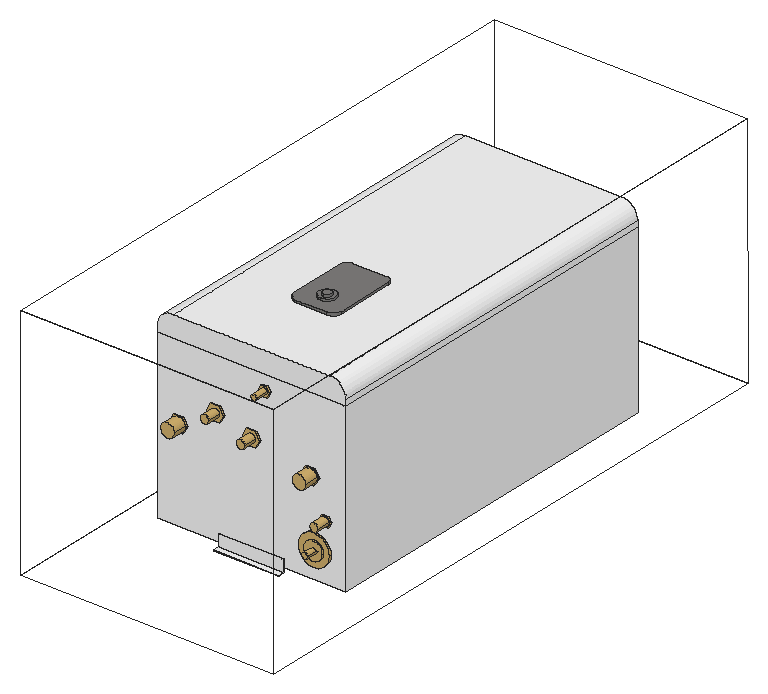
Revit family "Water_Boiler-Navien-NFC-Condensing-NFC-200", category Mechanical Equipment, host Face, Revit 2017
Family settings
  Host = Face
  Round Connector Dimension = Use Diameter
  Part Type = Normal
  OmniClass Number = 23.65.35.11
  OmniClass Title = Supply Water Heaters
  Cut with Voids When Loaded = No
  Shared = No
  Room Calculation Point = No
Parameters (values of type "NFC-200")
  Width = 17 77/256"  # constant formula
  Wi-Fi Ready = "NaviLink Wi‑Fi Control: This add-on accessory enables access to control temperatures remotely, access usage data and receive diagnostic notifications via smartphone or tablet."  # constant formula
  Weight = 145.00 lbf  # constant formula
  Water Pressure = "12–80 psi"  # constant formula
  Warranty Note = "Heat Exchangers: 15 years limited warranty (Residential), 10 years (Commercial) | Parts: 5 years (Residential), 3 years (Commercial)"  # constant formula
  Warranty = "https://www.navieninc.com/warranties"
  Voltage = 120 V
  Version = "2017 - v1.0.a"  # constant formula
  Venting Type = "Forced draft direct vent"  # constant formula
  Venting = "Exhaust: 2 in or 3 in PVC, CPVC, Approved Polypropylene, Stainless Steel, 2 in or 3 in Special Gas Vent Type BH (Class III, A/B/C) | Intake: 2 in or 3 in PVC, CPVC, Polypropylene, Stainless Steel, ABS 2 in or 3 in Special Gas Vent Type BH (Class III, A/B/C) | Vent Clearance: 0 in to combustibles"  # constant formula
  URL = "https://www.navieninc.com"
  Propane Gas Supply Pressure = "8.0\" to 13.5\" WC"  # constant formula
  Propane Gas Manifold Pressure = "-0.10\" to -0.45\" WC"  # constant formula
  Product Page URL = "https://www.navieninc.com/products/nfc-200"
  Product Name = "NFC Series Combination Boilers"  # constant formula
  Product Documentation Link = "https://www.navieninc.com/downloads/nfc-product-specifications-en"
  Power Factor = 1
  Phase = 1
  Number of Poles = 1
  Natural Gas Supply Pressure = "3.5\" to 10.5\" WC"  # constant formula
  Natural Gas Manifold Pressure = "-0.05\" to -0.20\" WC"  # constant formula
  Model = "NFC-200"  # constant formula
  Material = ""
  Manufacturer Phone Number = "(949) 420-0420"  # constant formula
  Manufacturer Fax Number = "(949) 420-0430"  # constant formula
  Manufacturer Address = "20 Goodyear, Irvine, CA 92618"  # constant formula
  Manufacturer = "Navien, Inc."  # constant formula
  Keynote = "22 33 00.A1"
  Intake = if([2" Exhaust/Intake], 2", 3")  # 2"
  Installation Type = "Indoor Wall-Hung"  # constant formula
  Ignition = "Electronic ignition"  # constant formula
  Hot Water Outlet = 3/4"  # constant formula
  Height = 33 1/2"  # constant formula
  Heating Supply = 1 1/4"  # constant formula
  Heating Return = 1 1/4"  # constant formula
  Heating Capacity Note = "199,900 to 18,000 BTUh"  # constant formula
  Heating Capacity = 199000.0 Btu/h
  Gas Inlet = 3/4"  # constant formula
  Gas Connection Size = 3/4"  # constant formula
  Frequency = 60 Hz
  Flow Rate = 0 GPM
  Finish = Metal - Navien - White
  Exhaust = if([2" Exhaust/Intake], 2", 3")  # 2"
  Description = "Condensing Gas Hot Water Boiler"  # constant formula
  Depth = 17 77/256"  # constant formula
  Default Elevation = 48"
  Condensate Outlet = 1/2"  # constant formula
  Cold Water Inlet = 3/4"  # constant formula
  Certifications = "Energy Star | AHRI | CSA | ASME | CSA Blue Star | CSA Blue Flame"  # constant formula
  Auto Feeder Inlet = 1/2"  # constant formula
  3" Exhaust/Intake = not([2" Exhaust/Intake])  # no
  2" Exhaust/Intake = yes
  Copyright = "All contents copyright © Navien Inc."  # constant formula
  Clearance [instance] = yes
  Assembly Code = "D3010500"
  Apparent Load = 0 VA
Reference planes (in)
  plane 1 "Center (Elevation)": y = 0
  plane 2: z = 0
  plane 3 "Reference": x = 0
  plane 4 "Top": y = 22.02539
  plane 5 "Left": x = -10.28125
  plane 6 "Bottom": y = -11.47461
  plane 7 "Right": x = 7.01953
  plane 8: z = 17.70078
  plane 9: y = 24.69539
  plane 10: z = 0.4
  plane 11 "Center (Left/Right)": x = -1.63086
  plane 12 "Condensate Outlet 1": z = 3.0018
  plane 13: y = 5.27539
  plane 14: z = -0.1
  plane 15: z = 5.6
  plane 16: z = 8.9
  plane 17: z = 10.1
  plane 18: z = 11
  plane 19: z = 3
  plane 20: x = 4.31875
  plane 21: x = 3.81875
  plane 22: x = -1.58125
  plane 23: x = -4.88125
  plane 24: x = -8.28125
Forms (in)
  Extrusion 1, solid, material "Metal - Navien - White" <- "Finish", detail levels medium+fine
    sketch origin (0, 0, 0) x (0, 1, 0) y (0, 0, 1)
      loop
        line (-11.4781, 1.12877) -> (-11.52126, 1.12877) -> (-11.52126, 0.04724) -> (-12.09194, 0.04724) -> (-12.09194, 0) -> (-11.4781, 0) -> (-11.4781, 1.12877)
    from -4.58124 to 1.3703
  Extrusion 2, solid, material "Metal - Navien - White" <- "Finish", detail levels medium+fine
    sketch origin (0, 0, 0) x (1, 0, 0) y (0, 0, 1)
      loop
        line (-10.28125, 15.75) -> (7.01953, 15.75) -> (7.01953, 16.2125)
        arc (7.01953, 16.2125) -> (6.58362, 17.26487) -> (5.53125, 17.70078) r 1.48828
        line (5.53125, 17.70078) -> (-8.78125, 17.70078)
        arc (-8.78125, 17.70078) -> (-9.84191, 17.26144) -> (-10.28125, 16.20078) r 1.5
        line (-10.28125, 16.20078) -> (-10.28125, 15.75)
    from -22.02539 to 11.47461
  Extrusion 3, solid, material "Metal - Navien - Brass, Soft Yellow"
    sketch origin (-3.25, 0, 0) x (-1, 0, 0) y (0, 0, -1)
      loop
        circle (4.99187, -12.56948) r 0.375
    from -23.32281 to -22.02539
  Extrusion 4, solid, material "Metal - Navien - Black", detail levels medium+fine
    sketch origin (0, 23.25489, 5.90687) x (0, 1, 0) y (-1, 0, 0)
      loop
        arc (-21.15746, 3.16493) -> (-21.34721, 3.62302) -> (-21.80529, 3.81276) r 0.64783
        line (-21.80529, 3.81276) -> (-27.01433, 3.81276)
        arc (-27.01433, 3.81276) -> (-27.64587, 3.55117) -> (-27.90746, 2.91963) r 0.89314
        line (-27.90746, 2.91963) -> (-27.90746, 0.1692)
        arc (-27.90746, 0.1692) -> (-27.68779, -0.36113) -> (-27.15746, -0.5808) r 0.75
        line (-27.15746, -0.5808) -> (-21.78679, -0.5808)
        arc (-21.78679, -0.5808) -> (-21.34179, -0.39648) -> (-21.15746, 0.04853) r 0.62933
        line (-21.15746, 0.04853) -> (-21.15746, 3.16493)
    from 11.79391 to 12
  Extrusion 5, solid, material "Metal - Navien - Black", detail levels medium+fine
    sketch origin (0, 23.25489, 4.3925) x (0, 1, 0) y (-1, 0, 0)
      loop
        circle (-26.04399, 1.63086) r 0.38018
    from 13.51437 to 13.80828
  Extrusion 6, solid, material "Metal - Navien - Black", detail levels medium+fine
    sketch origin (0, 23.25489, 4.3925) x (0, 1, 0) y (-1, 0, 0)
      loop
        circle (-26.03131, 1.63086) r 0.75
    from 13.30828 to 13.64814
  Extrusion 7, solid, material "Metal - Navien - White" <- "Finish", detail levels medium+fine
    sketch origin (-3.37047, -180, 9.44422) x (0, 0, 1) y (0, -1, 0)
      loop
        line (6.30578, -168.59281) -> (6.25519, -168.59281) -> (6.25519, -168.52539) -> (-9.04422, -168.52539) -> (-9.04422, -202.02539) -> (6.25519, -202.02539) -> (6.25519, -201.9886) -> (6.30578, -201.9886) -> (6.30578, -168.59281)
    from -6.91078 to 10.39
  Extrusion 8, solid, material "Metal - Navien - Brass, Soft Yellow"
    sketch origin (0, 0, 0) x (1, 0, 0) y (0, 0, 1)
      loop
        line (5.70898, 5.6) -> (5.43829, 6.06885) -> (4.89692, 6.06885) -> (4.62623, 5.6) -> (4.89692, 5.13115) -> (5.43829, 5.13115) -> (5.70898, 5.6)
      loop
        line (-4.0949, 11) -> (-4.48807, 11.681) -> (-5.27443, 11.681) -> (-5.6676, 11) -> (-5.27443, 10.319) -> (-4.48807, 10.319) -> (-4.0949, 11)
      loop
        line (-7.4949, 8.9) -> (-7.88807, 9.581) -> (-8.67443, 9.581) -> (-9.0676, 8.9) -> (-8.67443, 8.219) -> (-7.88807, 8.219) -> (-7.4949, 8.9)
      loop
        line (-0.7949, 10.1) -> (-1.18807, 10.781) -> (-1.97443, 10.781) -> (-2.3676, 10.1) -> (-1.97443, 9.419) -> (-1.18807, 9.419) -> (-0.7949, 10.1)
      loop
        line (4.6051, 8.9) -> (4.21193, 9.581) -> (3.42557, 9.581) -> (3.0324, 8.9) -> (3.42557, 8.219) -> (4.21193, 8.219) -> (4.6051, 8.9)
      loop
        line (0.17051, 14.37903) -> (-0.10018, 14.84788) -> (-0.64156, 14.84788) -> (-0.91225, 14.37903) -> (-0.64156, 13.91018) -> (-0.10018, 13.91018) -> (0.17051, 14.37903)
    from 11.47461 to 11.59257
  Extrusion 9, solid, material "Metal - Navien - Brass, Soft Yellow"
    sketch origin (0, 0, 0) x (1, 0, 0) y (0, 0, 1)
      loop
        circle (-8.28125, 8.9) r 0.625
      loop
        circle (-1.58125, 10.1) r 0.375
      loop
        circle (5.16876, 5.6) r 0.375
      loop
        circle (4.31875, 3) r 0.25
      loop
        circle (-4.88125, 11) r 0.375
      loop
        circle (3.81875, 8.9) r 0.625
      loop
        circle (-0.37087, 14.37903) r 0.25
    from 11.47461 to 12.78461
  Extrusion 10, solid, material "Metal - Navien - Brass, Soft Yellow", detail levels medium+fine
    sketch origin (0.1875, 0, -0.0625) x (1, 0, 0) y (0, 0, 1)
      loop
        circle (4.13125, 3.0625) r 1.42959
    from 11.59257 to 11.73334
  Extrusion 11, solid, material "Metal - Navien - Brass, Soft Yellow", detail levels medium+fine
    sketch origin (0.1875, 0, -0.0625) x (1, 0, 0) y (0, 0, 1)
      loop
        circle (4.13125, 3.0625) r 0.83408
    from 11.73334 to 11.841
  Extrusion 12, solid, material "Metal - Navien - Brass, Soft Yellow", detail levels medium+fine
    sketch origin (0, 0, 0) x (1, 0, 0) y (0, 0, 1)
      loop
        arc (-8.70931, 11.36209) -> (-8.24187, 11.46877) -> (-7.77443, 11.36209) r 1.07739
        arc (-7.77443, 11.36209) -> (-6.94715, 12.56948) -> (-7.77443, 13.77688) r 1.29472
        arc (-7.77443, 13.77688) -> (-8.24187, 13.67019) -> (-8.70931, 13.77688) r 1.07739
        arc (-8.70931, 13.77688) -> (-9.53659, 12.56948) -> (-8.70931, 11.36209) r 1.29472
    from -22.02539 to -22.33036
  Extrusion 13, solid, material "Metal - Navien - White" <- "Finish", detail levels coarse
    sketch origin (0, 19.32383, 4.3925) x (0, 1, 0) y (-1, 0, 0)
      loop
        line (2.70156, 10.28125) -> (-30.79844, 10.28125) -> (-30.79844, -7.01953) -> (2.70156, -7.01953) -> (2.70156, 10.28125)
    from -3.9925 to 13.30828
  Extrusion 14, solid, material "Clearances - Navien", visible <- "Clearance"
    sketch origin (0, 19.32383, 4.3925) x (0, 1, 0) y (-1, 0, 0)
      loop
        line (11.70156, 13.28125) -> (-42.79844, 13.28125) -> (-42.79844, -10.01953) -> (11.70156, -10.01953) -> (11.70156, 13.28125)
    from -4.4925 to 17.30828
Cuts and joins
  joined: Extrusion 4, Extrusion 5, Extrusion 6
  joined: Extrusion 8, Extrusion 9
Lines and regions (in)
  Split face 1
    outline origin (0, 23.25489, 17.90687) x (0, 1, 0) y (-1, 0, 0)
      loop
        line (-22.00951, 2.94276) -> (-23.25951, 2.94276) -> (-23.25951, 0.19276) -> (-22.00951, 0.19276) -> (-22.00951, 2.94276)
  Split face 2
    outline origin (-3.16493, 6.02848, 17.90687) x (-1, 0, 0) y (0, -1, 0)
      loop
        line (-0.35049, 6.75) -> (-0.35049, 7.10256) -> (-2.71765, 7.10256) -> (-2.71765, 6.75) -> (-0.35049, 6.75)
  Split face 3
    outline origin (-3.16493, 6.02848, 17.90687) x (-1, 0, 0) y (0, -1, 0)
      loop
        line (-2.90907, 6.0331) -> (-2.90907, 4.7831) -> (-0.15907, 4.7831) -> (-0.15907, 6.0331) -> (-2.90907, 6.0331)
  model lines, style "Clearance", visible <- "Clearance"
    curve 1: line (-13.28125, 31.02539, -0.1) -> (-13.28125, -23.47461, -0.1)
    curve 2: line (-13.28125, -23.47461, -0.1) -> (10.01953, -23.47461, -0.1)
    curve 3: line (10.01953, -23.47461, -0.1) -> (10.01953, 31.02539, -0.1)
    curve 4: line (10.01953, 31.02539, -0.1) -> (-13.28125, 31.02539, -0.1)
    curve 5: line (10.01953, 31.02539, 21.70078) -> (10.01953, -23.47461, 21.70078)
    curve 6: line (10.01953, -23.47461, 21.70078) -> (-13.28125, -23.47461, 21.70078)
    curve 7: line (-13.28125, -23.47461, 21.70078) -> (-13.28125, 31.02539, 21.70078)
    curve 8: line (-13.28125, 31.02539, 21.70078) -> (10.01953, 31.02539, 21.70078)
    curve 9: line (10.01953, 31.02539, 21.70078) -> (10.01953, 31.02539, -0.1)
    curve 10: line (-13.28125, 31.02539, 21.70078) -> (-13.28125, 31.02539, -0.1)
    curve 11: line (10.01953, -23.47461, 21.70078) -> (10.01953, -23.47461, -0.1)
    curve 12: line (-13.28125, -23.47461, 21.70078) -> (-13.28125, -23.47461, -0.1)
  model lines, style "MechanicalEquipment", detail levels medium+fine
    curve 13: arc (-0.63086, -2.7891, 17.90687) -> (-1.63086, -1.7891, 17.90687) -> (-2.63086, -2.7891, 17.90687) r 1
    curve 14: arc (-2.63086, -2.7891, 17.90687) -> (-1.63086, -3.7891, 17.90687) -> (-0.63086, -2.7891, 17.90687) r 1
Dimensions and locks (in)
  plane 5 "Left" to plane 3 "Reference" to plane 7 "Right" = 10 9/32", 7 5/256"
  "Width": plane 5 "Left" to plane 7 "Right"
  "Height": plane 4 "Top" to plane 6 "Bottom"
  "Depth": plane 8 to plane 10
  plane 8 to level = 17.70078"
  locked: plane 9 to plane 4 "Top" at 2.67
  locked: plane 10 to plane 2 at 0.4
  equal spacing: plane 7 "Right", plane 11 "Center (Left/Right)", plane 5 "Left"
  locked: Extrusion 1 to level at 1.12877  (x2)
  locked: Extrusion 1 to level at 0.04724  (x2)
  locked: Extrusion 1 sketch curve to level at 0.04724  (x10)
  locked: Extrusion 1 sketch curve to level at 1.12877  (x10)
  locked: Extrusion 2 to level at 17.70078  (x2)
  locked: Extrusion 2 to level at 15.75  (x2)
  locked: Extrusion 2 sketch curve to level at 15.75  (x10)
  locked: Extrusion 2 sketch curve to level at 16.2125  (x4)
  locked: Extrusion 2 sketch curve to level at 17.70078  (x10)
  locked: Extrusion 2 sketch curve to level at 16.20078  (x4)
  locked: Extrusion 4 sketch curve to level at 5.90687  (x48)
  locked: Extrusion 5 sketch curve to level at 4.3925  (x4)
  locked: Extrusion 6 sketch curve to level at 4.3925  (x4)
  locked: Extrusion 7 to level at 15.75  (x2)
  locked: Extrusion 7 to level at 15.69941  (x4)
  locked: Extrusion 7 to level at 0.4  (x2)
  locked: Extrusion 7 sketch curve to level at 15.75  (x10)
  locked: Extrusion 7 sketch curve to level at 15.69941  (x20)
  locked: Extrusion 7 sketch curve to level at 0.4  (x10)
  plane 6 "Bottom" to Extrusion 1 sketch curve to Extrusion 1 sketch curve to Extrusion 1 sketch curve = 0.00349" locked, 0.04316" locked, 0.57068" locked
  locked: plane 8 to Extrusion 2 sketch curve at 1.95078
  locked: plane 6 "Bottom" to cut or joined group of Extrusion 8, Extrusion 9 at 1.31
  plane 6 "Bottom" to cut or joined group of Extrusion 8, Extrusion 9 to Extrusion 10 to Extrusion 11 = 0.11796" locked, 0.14077" locked, 0.10765" locked
  locked: Extrusion 7 sketch curve to plane 6 "Bottom" at 0.06742
  equal spacing: plane 4 "Top", plane 13, plane 6 "Bottom"
  Extrusion 4 sketch curve to Extrusion 4 sketch curve to Extrusion 4 sketch curve to plane 11 "Center (Left/Right)" to Extrusion 4 sketch curve to Extrusion 4 sketch curve to Extrusion 4 sketch curve = 0.64783" locked, 0.24531" locked, 1.28877" locked, 1.46166" locked, 0.12067" locked, 0.62933" locked
  plane 6 "Bottom" to Extrusion 4 sketch curve to Extrusion 4 sketch curve to Extrusion 4 sketch curve to Extrusion 4 sketch curve to Extrusion 4 sketch curve to Extrusion 4 sketch curve = 6.82204", 3/4" locked, 0.14314" locked, 5.20904" locked, 0.0185" locked, 0.62933" locked
  locked: plane 10 to nested 1 at 4.1
  locked: nested 1 to plane 5 "Left" at 13.5
  locked: plane 10 to nested 2 at 4.3
  locked: nested 2 to plane 5 "Left" at 3.8
  locked: Extrusion 13 to plane 14 at 0.5
  locked: Extrusion 14 sketch curve to plane 5 "Left" at 3
  locked: plane 7 "Right" to Extrusion 14 sketch curve at 3
  locked: Extrusion 14 sketch curve to plane 4 "Top" at 9
  locked: Extrusion 14 sketch curve to plane 6 "Bottom" at 12
  locked: plane 11 "Center (Left/Right)" to Extrusion 3 sketch curve at 6.61101
  locked: Extrusion 3 sketch curve to level at 12.56948
  plane 11 "Center (Left/Right)" to Extrusion 12 sketch curve to Extrusion 12 sketch curve to Extrusion 12 sketch curve to Extrusion 12 sketch curve = 6.14357" locked, 0" locked, 0.93488" locked, 0" locked
  Extrusion 12 sketch curve to Extrusion 12 sketch curve to Extrusion 12 sketch curve to Extrusion 12 sketch curve to level = 0" locked, 2.41479" locked, 0" locked, 11.36209" locked
  Extrusion 13 sketch curve to plane 11 "Center (Left/Right)" to Extrusion 13 sketch curve = 8.65039" locked, 8.65039" locked
  Extrusion 13 sketch curve to plane 13 to Extrusion 13 sketch curve = 16 3/4" locked, 16 3/4" locked
  locked: plane 6 "Bottom" to Extrusion 5 sketch curve at 8.68551
  Split face 2 sketch curve to plane 11 "Center (Left/Right)" to Split face 2 sketch curve = 1 47/256" locked, 1 47/256" locked
  plane 6 "Bottom" to Split face 2 sketch curve to Split face 2 sketch curve = 10.40053", 0.35256" locked
  plane 6 "Bottom" to Split face 3 sketch curve to Split face 3 sketch curve = 11.46999", 1 1/4" locked
  Split face 3 sketch curve to plane 11 "Center (Left/Right)" to Split face 3 sketch curve = 1 3/8" locked, 1 3/8" locked
  plane 6 "Bottom" to Extrusion 6 sketch curve = 8.69819"
  Extrusion 3 to Extrusion 12 to Extrusion 12 to plane 4 "Top" = 0.99244" locked, 0.30497" locked, 0" locked
  locked: plane 18 to plane 10 at 10.6
  locked: plane 17 to plane 10 at 9.7
  locked: plane 16 to plane 10 at 8.5
  locked: plane 15 to plane 10 at 5.2
  locked: plane 19 to plane 10 at 2.6
  plane 20 to plane 5 "Left" = 14.6"
  locked: plane 24 to plane 5 "Left" at 2
  locked: plane 23 to plane 24 at 3.4
  locked: plane 22 to plane 23 at 3.3
  locked: plane 21 to plane 22 at 5.4
  Extrusion 8 sketch curve to Extrusion 8 sketch curve to Extrusion 8 sketch curve to Extrusion 8 sketch curve to Extrusion 8 sketch curve to Extrusion 8 sketch curve to level = 3.59118" locked, 0.9" locked, 1.2" locked, 0" locked, 3.08785" locked, 5.13115" locked
  Extrusion 8 sketch curve to Extrusion 8 sketch curve to Extrusion 8 sketch curve to Extrusion 8 sketch curve to Extrusion 8 sketch curve to Extrusion 8 sketch curve to Extrusion 8 sketch curve to plane 11 "Center (Left/Right)" to Extrusion 8 sketch curve to Extrusion 8 sketch curve to Extrusion 8 sketch curve to Extrusion 8 sketch curve to Extrusion 8 sketch curve = 1.08276" locked, 0.02113" locked, 1.5727" locked, 2.86189" locked, 0.96541" locked, 0.11735" locked, 0.71861" locked, 0.73674" locked, 1.7273" locked, 1.5727" locked, 1.8273" locked, 1.5727" locked
  Extrusion 9 sketch curve to Extrusion 9 sketch curve to Extrusion 9 sketch curve to Extrusion 9 sketch curve to Extrusion 9 sketch curve to plane 11 "Center (Left/Right)" to Extrusion 9 sketch curve to Extrusion 9 sketch curve = 0.97501" locked, 1/8" locked, 4.56462" locked, 1.08538" locked, 0.42461" locked, 2.87539" locked, 3.15" locked
  Extrusion 9 sketch curve to Extrusion 9 sketch curve to Extrusion 9 sketch curve to Extrusion 9 sketch curve to Extrusion 9 sketch curve to Extrusion 9 sketch curve to Extrusion 9 sketch curve to level = 3.50403" locked, 0.9" locked, 1.45" locked, 0" locked, 3.05" locked, 2.475" locked, 2 3/4" locked
  locked: Extrusion 10 sketch curve to plane 11 "Center (Left/Right)" at 4.52002
  locked: Extrusion 10 sketch curve to level at 1.57041
  locked: Extrusion 11 sketch curve to level at 2.16592
  aligned and locked: plane 2 to host face
  aligned and locked: level to host face
  aligned and locked: plane 4 "Top" to Extrusion 2
  aligned and locked: plane 6 "Bottom" to Extrusion 2
  aligned and locked: Extrusion 3 to plane 4 "Top"
  aligned and locked: Extrusion 4 to plane 8
  aligned and locked: Extrusion 6 to plane 8
  aligned and locked: Extrusion 7 to plane 5 "Left"
  aligned and locked: Extrusion 7 to plane 7 "Right"
  aligned and locked: Extrusion 8 to plane 6 "Bottom"
  aligned and locked: Extrusion 9 to plane 6 "Bottom"
  aligned and locked: Extrusion 2 sketch curve to plane 5 "Left"
  aligned and locked: Extrusion 2 sketch curve to plane 7 "Right"
  aligned and locked: plane 8 to Extrusion 2 sketch curve
  aligned and locked: Extrusion 7 sketch curve to plane 4 "Top"
  aligned and locked: plane 6 "Bottom" to Extrusion 7 sketch curve
  aligned and locked: Extrusion 14 to plane 14
  aligned and locked: plane 11 "Center (Left/Right)" to Extrusion 5 sketch curve
  aligned and locked: plane 11 "Center (Left/Right)" to Extrusion 6 sketch curve
Automatic sketch dimensions
  host sketch curve to host sketch curve = 47 9/32"
  host sketch curve to host sketch curve = 59.02539"
  level to Extrusion 1 sketch curve = 0"
  plane 7 "Right" to Extrusion 2 sketch curve = 1 125/256"
  Extrusion 2 sketch curve to Extrusion 2 sketch curve = 0.45078"
  Split face 1 sketch curve to Extrusion 4 = 0.87"
  Split face 1 sketch curve to Extrusion 4 = 2.10205"
  Split face 1 sketch curve to Extrusion 4 = 0.85205"
  Split face 1 sketch curve to Extrusion 4 = 0.77356"
  Extrusion 7 sketch curve to plane 4 "Top" = 0.03679"
  Extrusion 12 sketch curve to Extrusion 12 sketch curve = 0"  (x2)
  Extrusion 12 sketch curve to Extrusion 12 sketch curve = 2.1781"
  Extrusion 12 sketch curve to Extrusion 12 sketch curve = 0.97071"
  curve 5 to plane 7 "Right" = 3"
  plane 9 to curve 8 = 6.33"
  curve 7 to plane 5 "Left" = 3"
  plane 6 "Bottom" to curve 7 = 12"
  curve 11 to plane 14 = 0"
  curve 12 to plane 14 = 0"
  curve 11 to plane 7 "Right" = 3"
  curve 12 to plane 5 "Left" = 3"
  curve 2 to plane 7 "Right" = 3"
  plane 6 "Bottom" to curve 2 = 12"
  curve 2 to plane 5 "Left" = 3"
  plane 9 to curve 1 = 6.33"
  curve 13 to curve 14 = 0"  (x2)
  curve 14 to Extrusion 4 = 1.86347"
  curve 14 to Extrusion 4 = 2.1819"
  curve 14 to curve 13 = 1"
  plane 8 to curve 11 = 4"
  plane 8 to curve 12 = 4"
  plane 7 "Right" to Extrusion 11 sketch curve = 2.70078"
  Extrusion 12 sketch curve to Extrusion 12 sketch curve = 0.46744"
  Extrusion 10 sketch curve to plane 12 "Condensate Outlet 1" = 0.0018"
  Extrusion 11 sketch curve to plane 12 "Condensate Outlet 1" = 0.0018"
  Extrusion 8 sketch curve to plane 16 = 0"  (x4)
  Extrusion 8 sketch curve to plane 18 = 0"  (x2)
  Extrusion 8 sketch curve to plane 17 = 0"  (x2)
  Extrusion 8 sketch curve to plane 15 = 0"  (x2)
  Extrusion 8 sketch curve to plane 24 = 0.39318"  (x2)
  plane 24 to Extrusion 8 sketch curve = 0.39318"  (x2)
  Extrusion 8 sketch curve to plane 23 = 0.39318"  (x2)
  plane 23 to Extrusion 8 sketch curve = 0.39318"  (x2)
  Extrusion 8 sketch curve to plane 11 "Center (Left/Right)" = 0.34357"  (x2)
  plane 22 to Extrusion 8 sketch curve = 0.39318"  (x2)
  Extrusion 8 sketch curve to Extrusion 8 sketch curve = 0.27069"  (x5)
  Extrusion 8 sketch curve to plane 3 "Reference" = 0.10018"  (x2)
  Extrusion 8 sketch curve to plane 21 = 0.39318"  (x2)
  Extrusion 8 sketch curve to plane 20 = 0.10682"  (x2)
  Extrusion 8 sketch curve to Extrusion 8 sketch curve = 0.54138"
  plane 15 to Extrusion 8 sketch curve = 0.46885"
  Extrusion 8 sketch curve to plane 17 = 0.519"  (x2)
  Extrusion 8 sketch curve to plane 18 = 0.219"
  plane 18 to Extrusion 8 sketch curve = 0.681"
  Extrusion 8 sketch curve to Extrusion 8 sketch curve = 0.46885"  (x3)
  Extrusion 9 sketch curve to plane 24 = 0"
  Extrusion 9 sketch curve to plane 23 = 0"
  Extrusion 9 sketch curve to plane 22 = 0"
  Extrusion 9 sketch curve to plane 21 = 0"
  Extrusion 9 sketch curve to plane 20 = 0"
  Extrusion 9 sketch curve to plane 15 = 0"
  curve 10 to Extrusion 14 = 0"  (x2)
  Extrusion 14 to curve 10 = 0"
  curve 9 to Extrusion 14 = 0"  (x3)
  radius of Extrusion 3 sketch curve = 3/8"
  radius of Extrusion 5 sketch curve = 0.38018"
  radius of Extrusion 6 sketch curve = 3/4"
  radius of Extrusion 9 sketch curve = 1/4"
Nested families (in)
  nested 1: "Intake_Exhaust" at (3.21875, 22.02539, 4.5) x (0, 0, -1) z (0, 1, 0), type "Intake_Exhaust"
  nested 2: "Intake_Exhaust" at (-6.48125, 22.02539, 4.7) x (0, 0, -1) z (0, 1, 0), type "Intake_Exhaust"
Connectors (in)
  piping at (5.16876, -12.78461, 5.6), diameter 0.75, driven by "Gas Inlet"
    settings: on cut or joined group of Extrusion 8, Extrusion 9, index 2, connector inside diameter 24", connector length 0", flow factor 0, pipe flow 0 GPM, pressure drop 0.00 psi, fitting loss kfactor 0, connector angle 0.00°, fixture units 0, engagement length 0", angle of deflection 0.00°, flow configuration 0, flow direction 1, fitting loss method 0, system type 22, joint type 0, gender type 0, connector reference index -1, connector utility 0, adjustable connector no, is connector primary yes, connector description "Natural Gas Connection"
  piping at (4.31875, -12.78461, 3), diameter 0.5
    settings: on cut or joined group of Extrusion 8, Extrusion 9, index 7, connector inside diameter 24", connector length 0", flow factor 0, pipe flow 0 GPM, pressure drop 0.00 psi, fitting loss kfactor 0, connector angle 0.00°, fixture units 0, engagement length 0", angle of deflection 0.00°, flow configuration 0, flow direction 0, fitting loss method 0, system type 7, joint type 0, gender type 0, connector reference index -1, connector utility 0, adjustable connector no, is connector primary no, connector description "Condensate Outlet Connection"
  hvac at (3.21875, 24.13982, 4.5), driven by "Exhaust"
    settings: on nested 1, index 8, duct flow 0 CFM, flow factor 0, pres drop 0.00 in-wg, loss coef 0, conn angle 0.00°, conn width 12", conn height 12", conn diameter 2", duct sys type 3, conn prof type 0, flow config 0, flow direction 2, loss method 0, conn ref index -1, conn util no, is conn primary yes, conn desc "Exhaust Gas Vent Connection"
  hvac at (-6.48125, 24.13982, 4.7), driven by "Exhaust"
    settings: on nested 2, index 9, duct flow 0 CFM, flow factor 0, pres drop 0.00 in-wg, loss coef 0, conn angle 0.00°, conn width 12", conn height 12", conn diameter 2", duct sys type 4, conn prof type 0, flow config 0, flow direction 1, loss method 0, conn ref index -1, conn util no, is conn primary no, conn desc "Air Intake Connection"
  piping at (-8.24187, 23.32281, 12.56948), diameter 0.75
    settings: on Extrusion 3, index 10, connector inside diameter 24", connector length 0", flow factor 0, pipe flow 0 GPM, pressure drop 0.00 psi, fitting loss kfactor 0, connector angle 0.00°, fixture units 0, engagement length 0", angle of deflection 0.00°, flow configuration 0, flow direction 2, fitting loss method 0, system type 22, joint type 0, gender type 0, connector reference index -1, connector utility 0, adjustable connector no, is connector primary no, connector description "Pressure Relief Valve Connection"
  electrical at (-1.63086, 5.27539, 0.4), driven by "Power Factor", driven by "Apparent Load", driven by "Voltage", driven by "Number of Poles"
    settings: on Extrusion 7, index 11, voltage 120 V, apparent load 0 VA, apparent load phase1 0 VA, apparent load phase2 0 VA, apparent load phase3 0 VA, power factor 1, load classification "Other", number of poles 1, system type 31, power factor state 1, is connector primary yes, connector utility no, sub classification motor no, connector description "Electrical Connector"
  piping at (-8.28125, -12.78461, 8.9), diameter 1.25, driven by "Heating Supply"
    settings: on cut or joined group of Extrusion 8, Extrusion 9, index 12, connector inside diameter 24", connector length 0", flow factor 0, pipe flow 0 GPM, pressure drop 0.00 psi, fitting loss kfactor 0, connector angle 0.00°, fixture units 0, engagement length 0", angle of deflection 0.00°, flow configuration 0, flow direction 2, fitting loss method 0, system type 7, joint type 0, gender type 0, connector reference index -1, connector utility 0, adjustable connector no, is connector primary no, connector description "Heating Supply Connection"
  piping at (-4.88125, -12.78461, 11), diameter 0.75, driven by "Hot Water Outlet"
    settings: on cut or joined group of Extrusion 8, Extrusion 9, index 13, connector inside diameter 24", connector length 0", flow factor 0, pipe flow 0 GPM, pressure drop 0.00 psi, fitting loss kfactor 0, connector angle 0.00°, fixture units 0, engagement length 0", angle of deflection 0.00°, flow configuration 0, flow direction 2, fitting loss method 0, system type 19, joint type 0, gender type 0, connector reference index -1, connector utility 0, adjustable connector no, is connector primary no, connector description "Hot Water Outlet Connection"
  piping at (-1.58125, -12.78461, 10.1), diameter 0.75, driven by "Cold Water Inlet"
    settings: on cut or joined group of Extrusion 8, Extrusion 9, index 14, connector inside diameter 24", connector length 0", flow factor 0, pipe flow 0 GPM, pressure drop 0.00 psi, fitting loss kfactor 0, connector angle 0.00°, fixture units 0, engagement length 0", angle of deflection 0.00°, flow configuration 0, flow direction 1, fitting loss method 0, system type 20, joint type 0, gender type 0, connector reference index -1, connector utility 0, adjustable connector no, is connector primary no, connector description "Cold Water Inlet Connection"
  piping at (-0.37087, -12.78461, 14.37903), diameter 0.5, driven by "Auto Feeder Inlet"
    settings: on cut or joined group of Extrusion 8, Extrusion 9, index 15, connector inside diameter 24", connector length 0", flow factor 0, pipe flow 0 GPM, pressure drop 0.00 psi, fitting loss kfactor 0, connector angle 0.00°, fixture units 0, engagement length 0", angle of deflection 0.00°, flow configuration 0, flow direction 1, fitting loss method 0, system type 7, joint type 0, gender type 0, connector reference index -1, connector utility 0, adjustable connector no, is connector primary no, connector description "Auto Feeder Inlet Connection"
  piping at (3.81875, -12.78461, 8.9), diameter 1.25, driven by "Heating Return"
    settings: on cut or joined group of Extrusion 8, Extrusion 9, index 16, connector inside diameter 24", connector length 0", flow factor 0, pipe flow 0 GPM, pressure drop 0.00 psi, fitting loss kfactor 0, connector angle 0.00°, fixture units 0, engagement length 0", angle of deflection 0.00°, flow configuration 0, flow direction 1, fitting loss method 0, system type 8, joint type 0, gender type 0, connector reference index -1, connector utility 0, adjustable connector no, is connector primary no, connector description "Heating Return Connection"
Definition of nested family "Intake_Exhaust"
  Parameters (values of type "Intake_Exhaust")
    Finish = none
    Default Elevation = 48"
  Reference planes (in)
    plane 1 "Center (Front/Back)": y = 0
    plane 2: z = 0
    plane 3 "Center (Left/Right)": x = 0
    plane 4: x = -1.46602
    plane 5: x = 1.46602
    plane 6: y = -1.45577
    plane 7: y = 1.45577
  Forms (in)
    Extrusion 1, solid
      sketch origin (0, 0, 0) x (1, 0, 0) y (0, 1, 0)
        loop
          line (-48, 48) -> (-48, -48) -> (48, -48) -> (48, 48) -> (-48, 48)
      from 0 to -12
    Extrusion 2, solid, material <- "Finish", detail levels fine
      sketch origin (0, 0, 0) x (1, 0, 0) y (0, 1, 0)
        loop
          arc (0.9965, 1.70215) -> (0.51624, 1.90363) -> (0, 1.97239) r 1.97239
          arc (0, 1.97239) -> (-0.51624, 1.90363) -> (-0.9965, 1.70215) r 1.97239
          line (-0.9965, 1.70215) -> (-1.43788, 1.70215)
          arc (-1.43788, 1.70215) -> (-1.60414, 1.64015) -> (-1.6892, 1.48443) r 0.25391
          line (-1.6892, 1.48443) -> (-1.6892, 1.0183)
          arc (-1.6892, 1.0183) -> (-1.90027, 0.52847) -> (-1.97239, 0) r 1.97239
          arc (-1.97239, 0) -> (-1.90027, -0.52847) -> (-1.6892, -1.0183) r 1.97239
          line (-1.6892, -1.0183) -> (-1.6892, -1.48443)
          arc (-1.6892, -1.48443) -> (-1.60414, -1.64015) -> (-1.43788, -1.70215) r 0.25391
          line (-1.43788, -1.70215) -> (-0.9965, -1.70215)
          arc (-0.9965, -1.70215) -> (-0.51624, -1.90363) -> (0, -1.97239) r 1.97239
          arc (0, -1.97239) -> (0.51624, -1.90363) -> (0.9965, -1.70215) r 1.97239
          line (0.9965, -1.70215) -> (1.43788, -1.70215)
          arc (1.43788, -1.70215) -> (1.60414, -1.64015) -> (1.6892, -1.48443) r 0.25391
          line (1.6892, -1.48443) -> (1.6892, -1.0183)
          arc (1.6892, -1.0183) -> (1.90027, -0.52847) -> (1.97239, 0) r 1.97239
          arc (1.97239, 0) -> (1.90027, 0.52847) -> (1.6892, 1.0183) r 1.97239
          line (1.6892, 1.0183) -> (1.6892, 1.48443)
          arc (1.6892, 1.48443) -> (1.60414, 1.64015) -> (1.43788, 1.70215) r 0.25391
          line (1.43788, 1.70215) -> (0.9965, 1.70215)
      from 0 to 0.34785
    Extrusion 3, solid, material <- "Finish", detail levels fine
      sketch origin (0, 0, 0) x (1, 0, 0) y (0, 0, 1)
        loop
          line (-1.4392, 1.43851) -> (-1.57327, 1.43851) -> (-1.97024, 0.34785) -> (-1.4392, 0.34785) -> (-1.4392, 1.43851)
      from -0.0824 to 0.06448
    Extrusion 4, solid, material <- "Finish", detail levels fine
      sketch origin (0, 0, 0) x (-1, 0, 0) y (0, 0, -1)
        loop
          line (-1.4392, -1.43851) -> (-1.4392, -0.34785) -> (-1.97024, -0.34785) -> (-1.57327, -1.43851) -> (-1.4392, -1.43851)
      from -0.0824 to 0.06448
    Extrusion 5, solid, material <- "Finish", detail levels fine
      sketch origin (-0.01835, 0.01025, 0) x (0, 1, 0) y (0, 0, 1)
        loop
          line (-1.4624, 1.43851) -> (-1.58098, 1.43851) -> (-1.97795, 0.34785) -> (-1.4624, 0.34785) -> (-1.4624, 1.43851)
      from -0.06791 to 0.09876
    Extrusion 6, solid, material <- "Finish", detail levels fine
      sketch origin (-0.01835, -0.01025, 0) x (0, -1, 0) y (0, 0, -1)
        loop
          line (-1.4624, -1.43851) -> (-1.4624, -0.34785) -> (-1.97795, -0.34785) -> (-1.58098, -1.43851) -> (-1.4624, -1.43851)
      from -0.06791 to 0.09876
    Extrusion 7, solid, material <- "Finish", detail levels fine
      sketch origin (0, 0, 0) x (1, 0, 0) y (0, 1, 0)
        loop
          circle (0, 0) r 1.34645
        loop
          circle (0, 0) r 1.25
      from 0.17664 to 2.11443
    Extrusion 8, solid, material <- "Finish", detail levels fine
      sketch origin (0, 0, 0) x (1, 0, 0) y (0, 1, 0)
        loop
          circle (0, 0) r 1.5792
        loop
          circle (0, 0) r 1.34645
      from 0 to 1.4562
    Extrusion 9, solid, material <- "Finish", detail levels coarse+medium
      sketch origin (0, 0, 0) x (1, 0, 0) y (0, 1, 0)
        loop
          line (-1.6892, 1.70215) -> (-1.6892, -1.70215) -> (1.6892, -1.70215) -> (1.6892, 1.70215) -> (-1.6892, 1.70215)
      from 0 to 0.34785
    Extrusion 10, solid, material <- "Finish", detail levels coarse+medium
      sketch origin (0, 0, 0) x (1, 0, 0) y (0, 1, 0)
        loop
          circle (0, 0) r 1.97239
      from 0 to 0.34785
    Extrusion 11, solid, material <- "Finish", detail levels coarse+medium
      sketch origin (0, 0, 0) x (1, 0, 0) y (0, 1, 0)
        loop
          circle (0, 0) r 1.34645
      from 0.34785 to 2.11443
  Cuts and joins
    joined: Extrusion 9, Extrusion 10
  Dimensions and locks (in)
    aligned and locked: plane 2 to Extrusion 1
    aligned and locked: level to Extrusion 1
